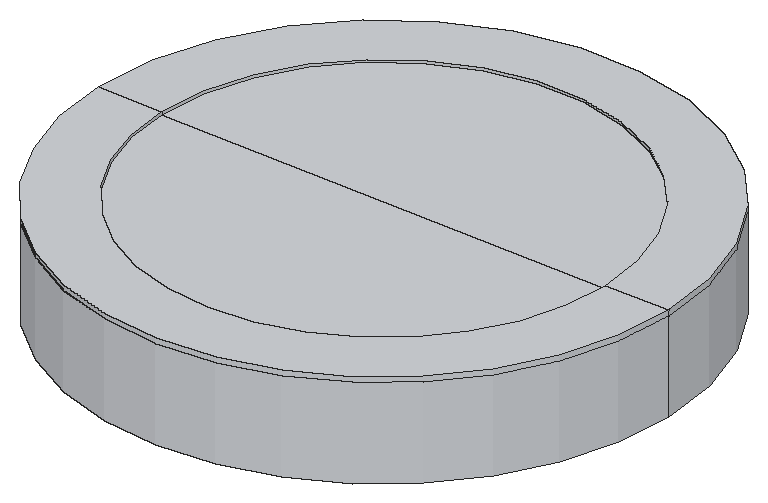
Revit family "0053946", category Lighting Fixtures, host Face, Revit 2017
Family settings
  Host = Face
  Round Connector Dimension = Use Diameter
  Part Type = Normal
  OmniClass Number = 23.80.70.00
  OmniClass Title = Lighting
  Cut with Voids When Loaded = No
  Light Source = Yes
  Shared = No
  Room Calculation Point = No
Parameters (values of type "0053946 ST E DOWNLIGHT FLT 226 1700 830 DIM SRFC")
  Weight = "6.87 kg"
  Wattage Comments = ""
  Wattage = 17 W
  WarrantyStartDate [instance] = "n/a"
  WarrantyGuarantorParts = "n/a"
  WarrantyDurationUnit = "n/a"
  WarrantyDurationParts = "n/a"
  WarrantyDescription = "n/a"
  built-in parameter 1150110 = 1 (stored number, unit not read)
  Voltage = 0 V
  URL = "http://www.sylvania-lighting.com"
  TypeName = "START eco Downlight Flat 226 1700lm 830 DIM Srfc"
  Type Image = <None>
  Type Comments = "n/a"
  built-in parameter 1114217 = 1 (stored number, unit not read)
  Tilt Angle = -90.00°
  built-in parameter 1150109 = 1 (stored number, unit not read)
  built-in parameter 1150134 = (empty or 0)
  built-in parameter 1150113 = 1 (stored number, unit not read)
  SerialNumber [instance] = "n/a"
  SIZE_203_SYL = 1
  SIZE_155_SYL = 0
  R_DIFF_SYL = if(SIZE_155_SYL = 1, 62.5 mm, if(SIZE_203_SYL = 1, 88 mm, 62.5 mm))  # 88 mm
  R2_SYL = if(SIZE_155_SYL = 1, 77.5 mm, if(SIZE_203_SYL = 1, 101.5 mm, 77.5 mm))  # 101.5 mm
  R1_SYL = if(SIZE_155_SYL = 1, 86 mm, if(SIZE_203_SYL = 1, 113 mm, 86 mm))  # 113 mm
  Photometric Web File = "0053946.ies"
  LUM_MH_SYL = 37 mm
  LUM_HEIGHT_SYL = 15 mm - CHAMF_SYL  # 14 mm
  CLIP_SYL = 10 mm
  CLIP_HOLE_SYL = 2.5 mm
  CLIP_HOLE_HE_SYL = 8.5 mm
  CLIP_D_SYL = R2_SYL - 2.5 mm  # 99 mm
  CLIP_DIST_SYL = R2_SYL - 2.5 mm  # 99 mm
  CLIP_CUTOUT_SYL = 19 mm
  CHAMF_SYL = 1 mm
  Material_3_SYL = none
  PowerFactor = 0.9
  PowerConsumption = "17 W"
  NominalLength = 226 mm
  NominalHeight = 38 mm
  NominalDepth = 226 mm
  Name = "START eco Downlight Flat 226 1700lm 830 DIM Srfc"
  ModelReference = Name  # "START eco Downlight Flat 226 1700lm 830 DIM Srfc"
  ModelNumber = "0053946"
  Model = Name  # "START eco Downlight Flat 226 1700lm 830 DIM Srfc"
  Material = "n/a"
  ManufacturerName = "Feilo Sylvania"
  Manufacturer = "Feilo Sylvania"
  LuminousEfficacy = "100 lm/W"
  built-in parameter 1150105 = 135.28 (stored number, unit not read)
  Lumens = 1700 lm
  LuminaireType = ""
  built-in parameter 1150115 = 1 (stored number, unit not read)
  LightOutputRatio = "n/a"
  built-in parameter 1150137 = (empty or 0)
  built-in parameter 1150139 = (empty or 0)
  LampsType = Lamp  # "LED"
  LampNominalLuminous = "1700 lm"
  LampMacAdamStep = "5"
  LampColourTemperature = "3000 K"
  LampColourRenderingIndex = "80"
  built-in parameter 1150112 = 1 (stored number, unit not read)
  built-in parameter 1150114 = 1 (stored number, unit not read)
  Lamp = "LED"
  Keynote = "16500"
  InstallationDate [instance] = "n/a"
  InputVoltage = "n/a"
  InputNominalFrequency = "n/a"
  built-in parameter 1150132 = (empty or 0)
  built-in parameter 1150102 = (empty or 0)
  built-in parameter 1150107 = 3000 (stored number, unit not read)
  built-in parameter 1150138 = (empty or 0)
  IngressProtection = "IP20"
  ImpactProtectionIndex = "IK06"
  built-in parameter 1150106 = 1.3528 (stored number, unit not read)
  IfcExportType = "IfcLightFixtureType"
  IfcExportAs = "IfcLightFixtureType"
  Emit from Circle Diameter = 609.6 mm
  Emit Shape Visible in Rendering = no
  ElectricShockClassification = "Class II"
  built-in parameter 1150104 = 9.2903 (stored number, unit not read)
  DocumentationLiterature = "http://www.sylvania-lighting.com/product/en-int/products/0053946"
  DimmingControlOptions = "n/a"
  Material_2_SYL = none
  Dimming Lamp Color Temperature Shift = <None>
  Description = "START eco Downlight Flat DIM Surface is an integrated LED surface mounted downlight with separated phase dimmable driver; 17W; 1700Lm; 100Lm/W; 3000K; IP20; 30,000hrs (L70B50)."
  Default Elevation = 1219.2 mm
  CreatedOn = "8/6/2020"
  CreatedBy = "@sylvania-lighting.com"
  Cost = 0
  Color Filter = 16777215
  built-in parameter 1114216 [instance] = (empty or 0)
  ClassificationValue = "EF_70_80"
  ClassificationName = "Uniclass2015"
  Material_1_SYL = none
  CHAMF_2_SYL = 1 mm
  BarCode [instance] = "n/a"
  built-in parameter 1114218 = 1 (stored number, unit not read)
  built-in parameter 1150133 = 10 (stored number, unit not read)
  AssetType = "Fixed"
  AssetIdentifier [instance] = "n/a"
  Assembly Code = "D5020200"
  Apparent Load = 17 VA
  Material_4_SYL = none
Types (4, lengths in mm): name | Weight | Wattage | TypeName | built-in parameter 1150134 | SIZE_203_SYL | SIZE_155_SYL | R_DIFF_SYL | R2_SYL | R1_SYL | Photometric Web File | CLIP_D_SYL | CLIP_DIST_SYL | PowerConsumption | NominalLength | NominalDepth | Name | ModelReference | ModelNumber | Model | Material | LuminousEfficacy | built-in parameter 1150105 | Lumens | LampNominalLuminous | LampColourTemperature | built-in parameter 1150107 | built-in parameter 1150106 | built-in parameter 1150104 | DocumentationLiterature | Description | Apparent Load
  0053947 ST E DOWNLIGHT FLT 172 1200 840 DIM SRFC | "4.87 kg" | 12 W | "START eco Downlight Flat 172 1200lm 840 DIM Srfc" | 12 | 0 | 1 | 62.5 | 77.5 | 86 | "0053947.ies" | 75 | 75 | "12 W" | 172 | 172 | "START eco Downlight Flat 172 1200lm 840 DIM Srfc" | "START eco Downlight Flat 172 1200lm 840 DIM Srfc" | "0053947" | "START eco Downlight Flat 172 1200lm 840 DIM Srfc" | "aluminium housing, other diffuser" | "100 lm/W" | 95.493 (stored number, unit not read) | 1200 lm | "1200 lm" | "4000 K" | 4000 (stored number, unit not read) | 0.95493 (stored number, unit not read) | 9.2903 (stored number, unit not read) | "http://www.sylvania-lighting.com/product/en-int/products/0053947" | "START eco Downlight Flat DIM Surface is an integrated LED surface mounted downlight with separated phase dimmable driver; 12W; 1200Lm; 100Lm/W; 4000K; IP20; 30,000hrs (L70B50)." | 12 VA
  0053946 ST E DOWNLIGHT FLT 226 1700 830 DIM SRFC | "6.87 kg" | 17 W | "START eco Downlight Flat 226 1700lm 830 DIM Srfc" | (empty or 0) | 1 | 0 | 88 | 101.5 | 113 | "0053946.ies" | 99 | 99 | "17 W" | 226 | 226 | "START eco Downlight Flat 226 1700lm 830 DIM Srfc" | "START eco Downlight Flat 226 1700lm 830 DIM Srfc" | "0053946" | "START eco Downlight Flat 226 1700lm 830 DIM Srfc" | "n/a" | "100 lm/W" | 135.28 (stored number, unit not read) | 1700 lm | "1700 lm" | "3000 K" | 3000 (stored number, unit not read) | 1.3528 (stored number, unit not read) | 9.2903 (stored number, unit not read) | "http://www.sylvania-lighting.com/product/en-int/products/0053946" | "START eco Downlight Flat DIM Surface is an integrated LED surface mounted downlight with separated phase dimmable driver; 17W; 1700Lm; 100Lm/W; 3000K; IP20; 30,000hrs (L70B50)." | 17 VA
  0053945 ST E DOWNLIGHT FLT 172 1100 830 DIM SRFC | "4.87 kg" | 12 W | "START eco Downlight Flat 172 1100lm 830 DIM Srfc" | (empty or 0) | 0 | 1 | 62.5 | 77.5 | 86 | "0053945.ies" | 75 | 75 | "12 W" | 172 | 172 | "START eco Downlight Flat 172 1100lm 830 DIM Srfc" | "START eco Downlight Flat 172 1100lm 830 DIM Srfc" | "0053945" | "START eco Downlight Flat 172 1100lm 830 DIM Srfc" | "aluminium housing, other diffuser" | "92 lm/W" | 87.854 (stored number, unit not read) | 1104 lm | "1100 lm" | "3000 K" | 3000 (stored number, unit not read) | 0.87854 (stored number, unit not read) | 8.5471 (stored number, unit not read) | "http://www.sylvania-lighting.com/product/en-int/products/0053945" | "START eco Downlight Flat DIM Surface is an integrated LED surface mounted downlight with separated phase dimmable driver; 12W; 1100Lm; 92Lm/W; 3000K; IP20; 30,000hrs (L70B50)." | 12 VA
  0053948 ST E DOWNLIGHT FLT 226 1750 840 DIM SRFC | "6.87 kg" | 17 W | "START eco Downlight Flat 226 1750lm 840 DIM Srfc" | 12 | 1 | 0 | 88 | 101.5 | 113 | "0053948.ies" | 99 | 99 | "17 W" | 226 | 226 | "START eco Downlight Flat 226 1750lm 840 DIM Srfc" | "START eco Downlight Flat 226 1750lm 840 DIM Srfc" | "0053948" | "START eco Downlight Flat 226 1750lm 840 DIM Srfc" | "n/a" | "103 lm/W" | 139.34 (stored number, unit not read) | 1751 lm | "1750 lm" | "4000 K" | 4000 (stored number, unit not read) | 1.3934 (stored number, unit not read) | 9.569 (stored number, unit not read) | "http://www.sylvania-lighting.com/product/en-int/products/0053948" | "START eco Downlight Flat DIM Surface is an integrated LED surface mounted downlight with separated phase dimmable driver; 17W; 1750Lm; 103Lm/W; 4000K; IP20; 30,000hrs (L70B50)." | 17 VA
Reference planes
  plane 1 "Center (Front/Back)": y = 0
  plane 2: z = 0
  plane 3 "Center (Left/Right)": x = 0
  plane 4: z = 1
  plane 5: z = -1
  plane 6: z = -14
  plane 7: x = 113
  plane 8: x = 88
  plane 9: x = 101.5
  plane 10: x = 0
  plane 11: x = -96
  plane 12: x = -101.5
  plane 13: y = 10
  plane 14: y = -10
  plane 15: x = 99
  plane 16: z = -19
  plane 17: z = -16.5
  plane 18: y = -8.5
  plane 19: y = 8.5
  plane 20: x = -99
  plane 21: z = -37
Forms (mm)
  Revolve 1, solid
    sketch origin (0, 0, 0) x (1, 0, 0) y (0, 0, 1)
      loop
        line (0, 0) -> (0, -14) -> (101.5, -14) -> (101.5, -1) -> (113, -1) -> (113, 1) -> (88, 1) -> (88, 0) -> (0, 0)
      axis (0, 1) -> (0, -14)
    angle from 360 to 0
  Extrusion 2, solid
    sketch origin (0, 0, 0) x (1, 0, 0) y (0, 1, 0)
      loop
        line (99, 10) -> (99, -10) -> (101.5, -10) -> (101.5, 10) -> (99, 10)
      loop
        line (-99, 10) -> (-101.5, 10) -> (-101.5, -10) -> (-99, -10) -> (-99, 10)
    from -20 to -1
  Extrusion 3, void
    sketch origin (319, 1524, 1219.2) x (0, 1, 0) y (0, 0, 1)
      loop
        line (-1515.5, -1238.2) -> (-1515.5, -1235.7) -> (-1532.5, -1235.7) -> (-1532.5, -1238.2) -> (-1515.5, -1238.2)
    from -440.059 to 10
  Revolve 4, solid
    sketch origin (0, 0, 0) x (1, 0, 0) y (0, 0, 1)
      loop
        line (113, -1) -> (101.5, -1) -> (101.5, -37) -> (113, -37) -> (113, -1)
      axis (0, -37) -> (0, -1)
    angle from 360 to 0
Cuts and joins
  Extrusion 3 cuts Extrusion 2
Dimensions and locks
  "LUM_HEIGHT_SYL": host face to plane 6
  "CHAMF_2_SYL": host face to plane 5
  "CHAMF_SYL": plane 4 to host face
  "R_DIFF_SYL": plane 8 to plane 3 "Center (Left/Right)"
  "R2_SYL": plane 3 "Center (Left/Right)" to plane 9
  "R1_SYL": plane 7 to plane 3 "Center (Left/Right)"
  "CLIP_SYL": plane 14 to plane 1 "Center (Front/Back)" to plane 13
  "CLIP_D_SYL": plane 10 to plane 15
  "R2_SYL": plane 10 to plane 9
  "CLIP_CUTOUT_SYL": host face to plane 16
  "CLIP_HOLE_SYL": plane 17 to plane 16
  "CLIP_HOLE_HE_SYL": plane 19 to plane 1 "Center (Front/Back)" to plane 18
  "R2_SYL": plane 12 to plane 10
  "CLIP_D_SYL": plane 20 to plane 3 "Center (Left/Right)"
  "LUM_MH_SYL": level to plane 21
  aligned and locked: plane 2 to host face
  aligned and locked: level to host face
  aligned and locked: Revolve 1 sketch curve to plane 3 "Center (Left/Right)"
  aligned and locked: plane 13 to Extrusion 2 sketch curve
  aligned and locked: Extrusion 2 sketch curve to plane 15
  aligned and locked: Extrusion 2 sketch curve to plane 14
  aligned and locked: plane 9 to Extrusion 2 sketch curve
  aligned and locked: Extrusion 3 sketch curve to plane 16
  aligned and locked: plane 19 to Extrusion 3 sketch curve
  aligned and locked: Extrusion 3 sketch curve to plane 17
  aligned and locked: Extrusion 3 sketch curve to plane 18
  aligned and locked: Extrusion 2 sketch curve to plane 13
  aligned and locked: Extrusion 2 sketch curve to plane 20
  aligned and locked: plane 14 to Extrusion 2 sketch curve
  aligned and locked: plane 12 to Extrusion 2 sketch curve
  aligned and locked: Revolve 4 sketch curve to Revolve 1  (x2)
  aligned and locked: plane 21 to Revolve 4 sketch curve
  aligned and locked: plane 9 to Revolve 4 sketch curve
  aligned and locked: Revolve 4 sketch curve to plane 10
Automatic sketch dimensions
  host sketch curve to host sketch curve = 2438.4 mm  (x2)
  Revolve 1 sketch curve to level = 0 mm
  Revolve 1 sketch curve to plane 3 "Center (Left/Right)" = 0 mm
  plane 8 to Revolve 1 sketch curve = 0 mm
  Revolve 1 sketch curve to plane 6 = 0 mm
  plane 9 to Revolve 1 sketch curve = 0 mm
  Revolve 1 sketch curve to plane 5 = 0 mm
  plane 7 to Revolve 1 sketch curve = 0 mm
  Revolve 1 sketch curve to plane 4 = 0 mm
  Revolve 1 sketch curve to plane 16 = 584.6 mm
  Revolve 1 sketch curve to plane 4 = 2608.058 mm
  plane 21 to Revolve 4 sketch curve = 267.8 mm
  Revolve 4 sketch curve to plane 4 = 303.8 mm
